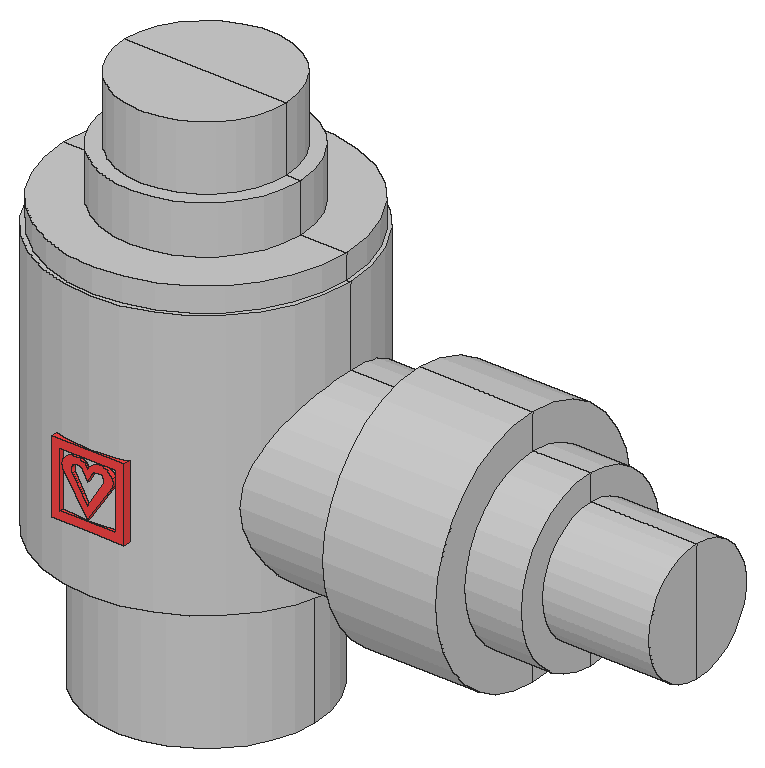
Revit family "RL-1-E Return Valve Angle Model 3724", category Rohrzubehör, Revit 2020
Family settings
  Bemaßung runder Anschluss = Durchmesser verwenden
  Teiletyp = Unterbricht
  OmniClass-Nummer = 23.65.55.14
  OmniClass-Titel = Valves for Liquid Services
  Arbeitsebenenbasiert = Nein
  Immer vertikal = Nein
  Beim Laden mit Abzugskörper schneiden = Nein
  Gemeinsam genutzt = Nein
Parameters
  W01 = 120.00°  # constant formula
  Vorgabe-Ansicht = 0.000 mm
  URL = "www.herzvalves.com"
  SCRNSEQ = "ARM;ARM_TYP=\"ALLF\";2"
  SCRNCODE = "05;01;02"  # constant formula
  S04 = 45.000 mm  # constant formula
  S03 [instance] = H02 - 5.000 mm + 41.000 mm  # 57.500 mm
  S02 [instance] = L04 + L03 - L02  # 26.800 mm
  S01 = 10.000 mm  # constant formula
  R04 = 10.000 mm  # constant formula
  R03 = 11.750 mm  # constant formula
  R02 = 17.500 mm  # constant formula
  Part number [instance] = size_lookup("3724_1E_", "Artnr", 0, Nennweite)  # 1372401
  Nennweite [instance] = 15.000 mm
  Model = "Standard models with nickel-plated threaded sockets."
  Medium = "Hot water purity according to ÖNORM H 5195 and/or VDI guideline 2035"
  Max. operating temperature = 110 °C  # constant formula
  Max. operating pressure = 1000000.0 Pa  # constant formula
  LO1 [instance] = R01 - 0.500 mm  # 17.500 mm
  L05 = 19.500 mm  # constant formula
  L04 [instance] = size_lookup("3724_1E_", "L4", 1.000 mm, Nennweite)  # 20.300 mm
  L03 [instance] = size_lookup("3724_1E_", "L3", 1.000 mm, Nennweite)  # 14.000 mm
  L02 [instance] = size_lookup("3724_1E_", "L2", 1.000 mm, Nennweite)  # 7.500 mm
  L01 [instance] = size_lookup("3724_1E_", "L1", 1.000 mm, Nennweite)  # 34.000 mm
  Hersteller = "HERZ Armaturen Ges.m.b.H."  # constant formula
  H06 = 14.000 mm  # constant formula
  H05 = 8.000 mm  # constant formula
  H04 = 17.000 mm  # constant formula
  H03 [instance] = H01 - D03  # 17.250 mm
  H02 [instance] = size_lookup("3724_1E_", "H2", 1.000 mm, Nennweite) - 5.000 mm  # 21.500 mm
  H01 [instance] = size_lookup("3724_1E_", "H1", 1.000 mm, Nennweite)  # 29.000 mm
  GT1 [instance] = size_lookup("3724_1E_", "GT1", 1.000 mm, Nennweite)  # 13.200 mm
  GT [instance] = size_lookup("3724_1E_", "GT", 1.000 mm, Nennweite)  # 12.300 mm
  G2 [instance] = Nennweite / 2  # 7.500 mm
  G1 [instance] = Nennweite / 2  # 7.500 mm
  R01 = 18.000 mm  # constant formula
  D05 [instance] = size_lookup("3724_1E_", "D5", 1.000 mm, Nennweite)  # 10.650 mm
  D04 [instance] = size_lookup("3724_1E_", "D4", 1.000 mm, Nennweite)  # 15.000 mm
  D03 [instance] = size_lookup("3724_1E_", "D3", 1.000 mm, Nennweite)  # 11.750 mm
  D02 [instance] = size_lookup("3724_1E_", "D2", 1.000 mm, Nennweite)  # 9.525 mm
  D01 [instance] = size_lookup("3724_1E_", "D1", 1.000 mm, Nennweite)  # 13.500 mm
  Body = "nickel-plated"  # constant formula
  Application = "Water Heating Systems\r\nInstallation of the return valve permits shutting off the return connection of the radiator.\r\nWhen the intake valve is shut at the same time, the radiator can be removed while the system is under pressure."
Reference planes
  plane 1 "Mitte (Vorne/hinten)": y = 0
  plane 2: z = 0
  plane 3 "Mitte (Links/rechts)": x = 0
Forms (mm)
  Revolve 1, solid, material "Messing, weicher Gelbton, geschweißt", detail levels fine
    sketch origin (0, 0, 0) x (1, 0, 0) y (0, 0, 1)
      loop
        line (0, 21.5) -> (-18, 21.5) -> (-18, -11.75) -> (-13.5, -11.75) -> (-13.5, -29) -> (-7.5, -29) -> (-7.5, -16.7) -> (0, -16.7) -> (0, 21.5)
      axis (0, 21.5) -> (0, -29)
    angle from 0 to 360
  Revolve 2, solid, material "Messing, weicher Gelbton, geschweißt", detail levels fine
    sketch origin (0, 0, 0) x (1, 0, 0) y (0, 0, 1)
      loop
        line (34, 0) -> (34, 9.525) -> (26.5, 9.525) -> (26.5, 11.75) -> (0, 11.75) -> (0, 0) -> (34, 0)
      axis (0, 0) -> (34, 0)
    angle from 0 to 360
  Revolve 3, solid, material "Messing, weicher Gelbton, geschweißt", detail levels fine
    sketch origin (-1, 0, 0) x (1, 0, 0) y (0, 0, 1)
      loop
        line (35, 0) -> (61.8, 0) -> (61.8, 7.5) -> (48.6, 7.5) -> (48.6, 10.65) -> (41.5, 10.65) -> (41.5, 15) -> (27.5, 15) -> (27.5, 9.525) -> (35, 9.525) -> (35, 0)
      axis (27.5, 0) -> (61.8, 0)
    angle from 0 to 360
  Revolve 4, solid, material "Messing, weicher Gelbton, geschweißt", detail levels fine
    sketch origin (0, 0, 0) x (1, 0, 0) y (0, 0, 1)
      loop
        line (0, 21.5) -> (0, 38.5) -> (-10, 38.5) -> (-10, 30.5) -> (-11.75, 30.5) -> (-11.75, 24.5) -> (-17.5, 24.5) -> (-17.5, 21.5) -> (0, 21.5)
      axis (0, 38.5) -> (0, 21.5)
    angle from 0 to 360
Lines and regions (mm)
  model lines, detail levels coarse+medium
    curve 1: line (0, 0, 0) -> (13.5, 0, -29)
    curve 2: line (13.5, 0, -29) -> (-13.5, 0, -29)
    curve 3: line (-13.5, 0, -29) -> (0, 0, 0)
    curve 4: line (0, 0, 0) -> (34, 0, 15)
    curve 5: line (34, 0, 15) -> (34, 0, -15)
    curve 6: line (34, 0, -15) -> (0, 0, 0)
    curve 7: line (34, 0, 15) -> (44, 0, 15)
    curve 8: line (44, 0, 15) -> (34, 0, 0)
    curve 9: line (34, 0, -15) -> (44, 0, -15)
    curve 10: line (44, 0, -15) -> (34, 0, 0)
    curve 11: line (34, 0, 0) -> (60.8, 0, 0)
    curve 12: line (0, 0, 0) -> (13.5, -29, 0)
    curve 13: line (13.5, -29, 0) -> (-13.5, -29, 0)
    curve 14: line (-13.5, -29, 0) -> (0, 0, 0)
    curve 15: line (0, 0, 0) -> (34, 15, 0)
    curve 16: line (34, 15, 0) -> (34, -15, 0)
    curve 17: line (34, -15, 0) -> (0, 0, 0)
    curve 18: line (34, 15, 0) -> (44, 15, 0)
    curve 19: line (44, 15, 0) -> (34, 0, 0)
    curve 20: line (34, -15, 0) -> (44, -15, 0)
    curve 21: line (34, 0, 0) -> (44, -15, 0)
Dimensions and locks
  "H02": Revolve 1 sketch curve to plane 2
  "H01": plane 2 to Revolve 1 sketch curve
  "R01": Revolve 1 sketch curve to Revolve 1 sketch curve
  "G1": Revolve 1 sketch curve to Revolve 1 sketch curve
  "D01": Revolve 1 sketch curve to Revolve 1 sketch curve
  "GT": Revolve 1 sketch curve to Revolve 1 sketch curve
  "H03": Revolve 1 sketch curve to Revolve 1 sketch curve
  "L02": Revolve 2 sketch curve to Revolve 2 sketch curve
  "LO1": nested 1 to plane 1 "Mitte (Vorne/hinten)"
  "L02": Revolve 3 sketch curve to Revolve 3 sketch curve
  "L03": Revolve 3 sketch curve to Revolve 3 sketch curve
  "L04": Revolve 3 sketch curve to Revolve 3 sketch curve
  "D04": Revolve 3 sketch curve to Revolve 3 sketch curve
  "G2": Revolve 3 sketch curve to Revolve 3 sketch curve
  "D05": Revolve 3 sketch curve to Revolve 3 sketch curve
  "GT1": Revolve 3 sketch curve to Revolve 3 sketch curve
  "L01": plane 3 "Mitte (Links/rechts)" to Revolve 3 sketch curve
  "D02": Revolve 3 sketch curve to plane 2
  "H01": plane 2 to curve 2
  "L01": curve 5 to plane 3 "Mitte (Links/rechts)"
  "D01": curve 2 to plane 3 "Mitte (Links/rechts)" to curve 3
  "D04": curve 5 to plane 2 to curve 6
  "S01": curve 5 to curve 8
  "S01": curve 5 to curve 10
  "S02": curve 11 to curve 11
  "H01": curve 13 to plane 1 "Mitte (Vorne/hinten)"
  "D01": curve 14 to plane 3 "Mitte (Links/rechts)" to curve 13
  "L01": plane 3 "Mitte (Links/rechts)" to curve 16
  "D04": curve 17 to plane 1 "Mitte (Vorne/hinten)" to curve 16
  "S01": curve 16 to curve 19
  "S01": curve 16 to curve 21
  "L01": Revolve 2 sketch curve to plane 3 "Mitte (Links/rechts)"
  "D03": Revolve 2 sketch curve to plane 2
  "D02": Revolve 2 sketch curve to plane 2
  "H02": Revolve 4 sketch curve to plane 2
  "H04": Revolve 4 sketch curve to Revolve 4 sketch curve
  "H05": Revolve 4 sketch curve to Revolve 4 sketch curve
  "H06": Revolve 4 sketch curve to Revolve 4 sketch curve
  "R04": Revolve 4 sketch curve to Revolve 4 sketch curve
  "R03": Revolve 4 sketch curve to Revolve 4 sketch curve
  "R02": Revolve 4 sketch curve to Revolve 4 sketch curve
  aligned and locked: level to plane 2
Automatic sketch dimensions
  curve 4 to level = 0.000 mm
  curve 4 to plane 3 "Mitte (Links/rechts)" = 0.000 mm
  curve 11 to level = 0.000 mm
  curve 8 to level = 0.000 mm
  plane 1 "Mitte (Vorne/hinten)" to curve 14 = 0.000 mm
  curve 14 to plane 3 "Mitte (Links/rechts)" = 0.000 mm
  plane 1 "Mitte (Vorne/hinten)" to curve 19 = 0.000 mm
  Revolve 1 sketch curve to plane 3 "Mitte (Links/rechts)" = 0.000 mm  (x2)
  Revolve 1 sketch curve to Revolve 1 sketch curve = 345.545 mm
  Revolve 1 sketch curve to Revolve 1 sketch curve = 2189.815 mm
  Revolve 2 sketch curve to level = 0.000 mm  (x2)
  Revolve 2 sketch curve to plane 3 "Mitte (Links/rechts)" = 0.000 mm
  Revolve 2 sketch curve to plane 3 "Mitte (Links/rechts)" = 1506.530 mm
  Revolve 2 sketch curve to Revolve 2 sketch curve = 1815.148 mm
  Revolve 3 sketch curve to level = 0.000 mm  (x2)
  Revolve 3 sketch curve to plane 3 "Mitte (Links/rechts)" = 1507.530 mm
  Revolve 3 sketch curve to Revolve 3 sketch curve = 1789.648 mm
  Revolve 4 sketch curve to plane 3 "Mitte (Links/rechts)" = 0.000 mm  (x2)
  Revolve 4 sketch curve to level = 366.045 mm
  Revolve 4 sketch curve to Revolve 4 sketch curve = 2164.815 mm
Nested families
  nested 1: "Herz-Logo-vorne" at (0, -17.5, 0) x (0, -1, 0) z (0, 0, 1), type "Herz-Logo-vorne", detail levels fine
Connectors
  piping at (0, 0, -16.7), diameter 15, driven by "Nennweite"
    settings: on Revolve 1, index 1, connector inside diameter 609.6 mm, connector length 0.000 mm, flow factor 0, pipe flow 0.0 L/s, pressure drop 0.0 Pa, fitting loss kfactor 0, connector angle 0.00°, fixture units 0, engagement length 0.000 mm, angle of deflection 0.00°, flow configuration 0, flow direction 1, fitting loss method 0, system type 8, joint type 0, gender type 0, connector reference index -1, connector utility 0, adjustable connector no, is connector primary yes, connector description ""
  piping at (60.8, 0, 0), diameter 15, driven by "Nennweite"
    settings: on Revolve 3, index 2, connector inside diameter 609.6 mm, connector length 0.000 mm, flow factor 0, pipe flow 0.0 L/s, pressure drop 0.0 Pa, fitting loss kfactor 0, connector angle 0.00°, fixture units 0, engagement length 0.000 mm, angle of deflection 0.00°, flow configuration 0, flow direction 2, fitting loss method 0, system type 8, joint type 0, gender type 0, connector reference index -1, connector utility 0, adjustable connector no, is connector primary no, connector description ""
Definition of nested family "Herz-Logo-vorne"
  Parameters (values of type "Herz-Logo-vorne")
    Default Elevation = 0.000 mm
  Reference planes
    plane 1 "Mitte (Vorne/hinten)": y = 0
    plane 2: z = 0
    plane 3 "Mitte (Links/rechts)": x = 0
  Forms (mm)
    Extrusion 1, solid
      sketch origin (0.732, -0.018, 0.017) x (0, -1, 0) y (0, 0, 1)
        loop
          line (-0.018, -4.517) -> (4.482, -4.517) -> (4.482, 4.483) -> (-4.518, 4.483) -> (-4.518, -4.517) -> (-0.018, -4.517)
        loop
          line (-0.05, -3.48) -> (3.482, -3.48) -> (3.482, 3.483) -> (-3.518, 3.483) -> (-3.518, -3.48) -> (-0.05, -3.48)
        loop
          arc (-0.018, 2.383) -> (-1.543, 3.287) -> (-3.067, 2.383) r 1.738
          arc (-3.067, 2.383) -> (-3.191, 1.899) -> (-3.067, 1.415) r 1.009
          line (-3.067, 1.415) -> (-0.018, -3.281) -> (3.032, 1.415)
          arc (3.032, 1.415) -> (3.156, 1.899) -> (3.032, 2.383) r 1.009
          arc (3.032, 2.383) -> (1.507, 3.287) -> (-0.018, 2.383) r 1.738
        loop
          arc (1.885, 1.272) -> (2.005, 1.675) -> (1.885, 2.079) r 0.74
          arc (1.885, 2.079) -> (1.265, 2.416) -> (0.644, 2.079) r 0.74
          line (0.644, 2.079) -> (-0.018, 0.97) -> (-0.679, 2.079)
          arc (-0.679, 2.079) -> (-1.3, 2.416) -> (-1.921, 2.079) r 0.74
          arc (-1.921, 2.079) -> (-2.04, 1.675) -> (-1.921, 1.272) r 0.74
          line (-1.921, 1.272) -> (-0.018, -1.658) -> (1.885, 1.272)
      from 0 to 1.5
  Dimensions and locks
    aligned and locked: level to plane 2
